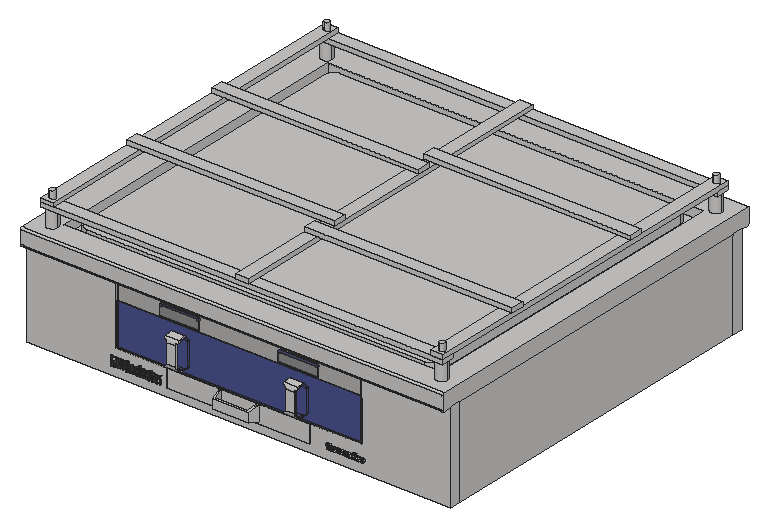
Revit family "QF_ELECTROLUXPROFESSIONAL_589873_MCLDACJODM", category Specialty Equipment, Revit 2014 (continued)
Definition of nested family "QF_ELECTROLUXPROFESSIONAL_MARINE1000x900_1"
  Dimensions and locks
    equal spacing: plane 5 "FRONT", plane 8, plane 1 "BACK"
    plane 6 "TOP" to level = 900 mm  (x2)
    plane 9 to level = 200 mm
    plane 1 "BACK" to plane 10 to plane 11 "Panel" = 150 mm, 705 mm  (x2)
    plane 6 "TOP" to plane 9 to level = 700 mm, 200 mm
    plane 1 "BACK" to plane 5 "FRONT" = 900 mm
    plane 12 to plane 9 = 598 mm
    plane 13 to plane 6 "TOP" = 75 mm
    plane 6 "TOP" to plane 12 = 102 mm
    plane 14 to plane 3 "LEFT" = 78 mm
    plane 15 to plane 4 "RIGHT" = 78 mm
    locked: plane 1 "BACK" to plane 16 at 150
    locked: plane 16 to plane 17 at 500
    plane 11 "Panel" to plane 5 "FRONT" = 45 mm
    plane 18 "EIx" to plane 4 "RIGHT" = 45 mm
    plane 19 "EIy" to plane 1 "BACK" = 685 mm
    locked: plane 11 "Panel" to plane 20 at 25
    aligned and locked: level to plane 2
  Automatic sketch dimensions
    plane 1 "BACK" to curve 1 = 0 mm
    curve 1 to plane 4 "RIGHT" = 0 mm
    curve 3 to plane 3 "LEFT" = 0 mm
    plane 5 "FRONT" to curve 3 = 0 mm
    Extrusion 1 sketch curve to plane 11 "Panel" = 0 mm  (x2)
    Extrusion 1 sketch curve to plane 20 = 10 mm
    plane 11 "Panel" to Extrusion 1 sketch curve = 15 mm
    Extrusion 1 sketch curve to plane 18 "EIx" = 20 mm  (x2)
    plane 1 "BACK" to Extrusion 1 sketch curve = 60 mm
    Extrusion 1 sketch curve to Extrusion 1 sketch curve = 15 mm  (x5)
    Extrusion 1 sketch curve to plane 18 "EIx" = 5 mm  (x2)
    plane 14 to Extrusion 1 sketch curve = 38 mm  (x2)
    Extrusion 2 sketch curve to plane 11 "Panel" = 0 mm  (x2)
    Extrusion 2 sketch curve to plane 20 = 10 mm  (x3)
    Extrusion 2 sketch curve to plane 18 "EIx" = 5 mm  (x2)
    plane 1 "BACK" to Extrusion 2 sketch curve = 45 mm  (x2)
    plane 1 "BACK" to Extrusion 2 sketch curve = 30 mm
    Extrusion 2 sketch curve to Extrusion 2 sketch curve = 15 mm  (x5)
    Extrusion 2 sketch curve to plane 18 "EIx" = 20 mm
    plane 18 "EIx" to Extrusion 2 sketch curve = 10 mm
    plane 7 "Center (Left/Right)" to Extrusion 2 sketch curve = 15 mm
    Extrusion 2 sketch curve to plane 7 "Center (Left/Right)" = 15 mm
    plane 14 to Extrusion 2 sketch curve = 23 mm
    plane 17 to Extrusion 3 sketch curve = 16 mm
    Extrusion 3 sketch curve to plane 17 = 14 mm
    Extrusion 3 sketch curve to plane 17 = 34 mm
    Extrusion 3 sketch curve to Extrusion 3 sketch curve = 30 mm  (x3)
    plane 3 "LEFT" to Extrusion 3 sketch curve = 25 mm  (x2)
    plane 8 to Extrusion 3 sketch curve = 84 mm
    Extrusion 3 sketch curve to plane 7 "Center (Left/Right)" = 15 mm  (x2)
    Extrusion 3 sketch curve to Extrusion 3 sketch curve = 20 mm
    plane 7 "Center (Left/Right)" to Extrusion 3 sketch curve = 15 mm  (x2)
    Extrusion 3 sketch curve to plane 18 "EIx" = 20 mm  (x2)
    Extrusion 4 sketch curve to plane 11 "Panel" = 0 mm  (x2)
    Extrusion 4 sketch curve to plane 18 "EIx" = 5 mm  (x2)
    plane 14 to Extrusion 4 sketch curve = 38 mm  (x2)
    plane 1 "BACK" to Extrusion 4 sketch curve = 45 mm  (x2)
    Extrusion 5 sketch curve to plane 11 "Panel" = 0 mm  (x2)
    Extrusion 5 sketch curve to plane 18 "EIx" = 5 mm  (x2)
    plane 1 "BACK" to Extrusion 5 sketch curve = 45 mm  (x2)
    plane 14 to Extrusion 5 sketch curve = 38 mm  (x2)
    curve 11 to plane 18 "EIx" = 20 mm
    plane 18 "EIx" to curve 9 = 10 mm
    plane 18 "EIx" to curve 35 = 10 mm
    curve 28 to plane 20 = 10 mm
    plane 14 to curve 28 = 23 mm
    plane 14 to curve 27 = 23 mm
    plane 3 "LEFT" to curve 7 = 25 mm
    plane 1 "BACK" to curve 27 = 30 mm
    plane 18 "EIx" to curve 36 = 10 mm
    plane 7 "Center (Left/Right)" to curve 23 = 15 mm
    plane 7 "Center (Left/Right)" to curve 26 = 15 mm
    curve 18 to plane 7 "Center (Left/Right)" = 15 mm
    curve 19 to plane 7 "Center (Left/Right)" = 15 mm
    curve 24 to plane 7 "Center (Left/Right)" = 15 mm
    plane 14 to curve 33 = 23 mm
    plane 8 to curve 8 = 114 mm
    curve 13 to curve 14 = 30 mm
    curve 33 to plane 17 = 64 mm
    curve 19 to plane 17 = 14 mm
    plane 11 "Panel" to curve 30 = 15 mm
    plane 11 "Panel" to curve 29 = 15 mm
    curve 12 to plane 10 = 136 mm
    curve 31 to curve 32 = 0 mm
    curve 22 to curve 19 = 20 mm
    plane 7 "Center (Left/Right)" to curve 21 = 15 mm
    plane 17 to curve 21 = 16 mm
    curve 23 to curve 13 = 20 mm
    curve 9 to curve 32 = 30 mm
    radius of Extrusion 1 sketch curve = 6.5 mm  (x4)
    radius of Extrusion 2 sketch curve = 6.5 mm  (x4)
    radius of Extrusion 4 sketch curve = 13 mm  (x4)
    radius of Extrusion 5 sketch curve = 6.5 mm  (x4)
Definition of nested family "Front_Panel_W1000_2 Knobs"
  Reference planes
    plane 1 "Center (Front/Back)": y = 0
    plane 2: z = 0
    plane 3 "Center (Left/Right)": x = 297.624
    plane 4 "Left": x = -202.376
    plane 5 "Right": x = 797.624
    plane 6: y = -45
    plane 7: x = 157.624
    plane 8: y = -25
    plane 9: x = -2.376
    plane 10: x = 437.624
    plane 11: x = 594.715
  Forms (mm)
    Extrusion 1, solid, material "QF_Finishes_Stainless Steel"
      sketch origin (833.217, 829.203, -1.25) x (0, 1, 0) y (0, 0, 1)
        loop
          line (-854.203, 651.25) -> (-829.203, 651.25) -> (-829.203, 864.25) -> (-854.203, 864.25) -> (-854.203, 651.25)
      from -1035.593 to -35.593
    Extrusion 2, void
      sketch origin (0, 0, 0) x (1, 0, 0) y (0, 0, 1)
        loop
          line (7.624, 853.866) -> (7.624, 711.866) -> (587.624, 711.866) -> (587.624, 853.866) -> (7.624, 853.866)
      from 19.387 to 33.951
  Cuts and joins
    Extrusion 2 cuts Extrusion 1
  Dimensions and locks
    equal spacing: plane 5 "Right", plane 3 "Center (Left/Right)", plane 4 "Left"
    plane 5 "Right" to plane 4 "Left" = 1000 mm
    plane 3 "Center (Left/Right)" to plane 7 = 140 mm
    plane 10 to plane 3 "Center (Left/Right)" = 140 mm
    aligned and locked: cut or joined group of Extrusion 1, Extrusion 2 to plane 4 "Left"
    aligned and locked: plane 5 "Right" to cut or joined group of Extrusion 1, Extrusion 2
    aligned and locked: plane 3 "Center (Left/Right)" to nested 2
    aligned and locked: cut or joined group of Extrusion 1, Extrusion 2 to nested 2
  Automatic sketch dimensions
    Extrusion 1 sketch curve to plane 1 "Center (Front/Back)" = 0 mm
    level to Extrusion 1 sketch curve = 650 mm
    plane 4 "Left" to Extrusion 2 sketch curve = 210 mm
    Extrusion 2 sketch curve to plane 5 "Right" = 210 mm
    level to Extrusion 2 sketch curve = 711.866 mm
    Extrusion 2 sketch curve to Extrusion 2 sketch curve = 142 mm
    Extrusion 1 sketch curve to plane 6 = 20 mm
    Extrusion 1 sketch curve to Extrusion 1 sketch curve = 213 mm
  Nested families
    nested 1: "Range Control Handle" at (157.624, -28.137, -209.113) x (-1, 0, 0) z (0, 0, 1), type "Range Control Handle"
    nested 2: "Front glass control panel W1000_2 Knobs" at (297.624, 280.644, 2.752), type "Front glass control panel W1000_2 Knobs"
    nested 3: "Range Control Handle" at (437.624, -28.137, -209.113), type "Range Control Handle"
    nested 4: "ELX_ThermaLine_Small" at (546.122, -25, 679.426) x (1, 0, 0) z (0, -1, 0), type "ELX_ThermaLine_Small"
      with Show Logo yes, Material_Logo QF_Finishes_Black
    nested 5: "ELX_Professional_Logo_Small" at (57.11, -25, 681.659) x (1, 0, 0) z (0, -1, 0), type "ELX_Professional_Logo_Small"
      with Show Logo yes, Material_Logo QF_Finishes_Black
  Definition of nested family "Range Control Handle"
    Reference planes
      plane 1 "Center (Front/Back)": y = 0
      plane 2: z = 0
      plane 3 "Center (Left/Right)": x = 0
      plane 4: z = 971.092
      plane 5: y = -16.9
    Forms (mm)
      Extrusion 1, solid, material "QF_Finishes_Electrolux Cyan"
        sketch origin (-746.28, 380.497, 208.931) x (-1, 0, 0) y (0, 0, 1)
          loop
            line (-770.101, 786.798) -> (-770.101, 731.649)
            arc (-770.101, 731.649) -> (-769.759, 730.563) -> (-768.855, 729.87) r 1.893
            line (-768.855, 729.87) -> (-763.474, 727.911) -> (-729.81, 727.911) -> (-724.428, 729.87)
            arc (-724.428, 729.87) -> (-723.525, 730.563) -> (-723.183, 731.649) r 1.893
            line (-723.183, 731.649) -> (-723.183, 786.798)
            arc (-723.183, 786.798) -> (-723.529, 787.894) -> (-724.44, 788.593) r 1.91
            line (-724.44, 788.593) -> (-729.683, 790.819) -> (-763.601, 790.819) -> (-768.844, 788.593)
            arc (-768.844, 788.593) -> (-769.755, 787.894) -> (-770.101, 786.798) r 1.91
        from -382.35 to -378.852
      Sweep 2, solid, material "QF_Finishes_Electrolux Cyan"
        path origin (-746.788, 380.496, 208.091) x (0, -1, 0) y (0, 0, 1)
          loop
            line (379.775, 793.281) -> (395.661, 791.048)
            arc (395.661, 791.048) -> (397.781, 787.377) -> (398.517, 783.202) r 12.207
            line (398.517, 783.202) -> (398.517, 737.368)
            arc (398.517, 737.368) -> (397.781, 733.193) -> (395.661, 729.522) r 12.207
            line (395.661, 729.522) -> (379.775, 727.289)
        profile origin (-746.788, -7.222, 1000.256) x (0, -0.139173, 0.990268) y (-1, 0, 0)
          loop
            line (0.782, -763.123) -> (0.782, -730.907) -> (-1.322, -730.907) -> (-1.322, -763.123) -> (0.782, -763.123)
      Sweep 3, solid, material "QF_Finishes_Stainless Steel"
        path origin (-746.788, 380.715, 207.832) x (0, -1, 0) y (0, 0, 1)
          loop
            line (380.478, 795.442) -> (397.218, 793.09)
            arc (397.218, 793.09) -> (399.929, 788.473) -> (400.871, 783.202) r 15.207
            line (400.871, 783.202) -> (400.871, 737.584)
            arc (400.871, 737.584) -> (399.914, 732.274) -> (397.164, 727.633) r 15.207
            line (397.164, 727.633) -> (380.601, 725.305)
        profile origin (-746.788, -8.132, 1002.099) x (0, -0.139173, 0.990268) y (-1, 0, 0)
          loop
            line (0.782, -763.123) -> (0.782, -730.907) -> (-1.322, -730.907) -> (-1.322, -763.123) -> (0.782, -763.123)
      Extrusion 4, void
        sketch origin (889.253, 220.666, 207.993) x (1, 0, 0) y (0, 0, 1)
          loop
            line (-943.038, 816.854) -> (-943.038, 703.686) -> (-899.466, 734.196) -> (-899.466, 786.344) -> (-943.038, 816.854)
        from 230.636 to 242.25
      Extrusion 5, void
        sketch origin (-888.8, 220.666, 207.993) x (-1, 0, 0) y (0, 0, -1)
          loop
            line (-943.038, -816.854) -> (-899.466, -786.344) -> (-899.466, -734.196) -> (-943.038, -703.686) -> (-943.038, -816.854)
        from 230.636 to 242.25
      Extrusion 6, solid, material "QF_Finishes_Electrolux Cyan"
        sketch origin (0, 0, 0) x (1, 0, 0) y (0, 0, 1)
          loop
            circle (0, 971.092) r 7.736
        from -3.137 to -1.645
    Cuts and joins
      Extrusion 4, Extrusion 5 cuts Sweep 3
      Extrusion 4, Extrusion 5 cuts Sweep 2
      joined: Extrusion 1, Extrusion 6
    Lines and regions (mm)
      symbolic lines
        curve 1: line (16.334, -16.9, 0) -> (16.334, -19.227, 0)
        curve 2: spline (16.334, -19.227, 0) -> (15.87, -19.385, 0) -> (15.404, -19.536, 0) -> (14.936, -19.678, 0) -> (14.466, -19.813, 0) -> (13.995, -19.94, 0) -> (13.523, -20.059, 0) -> (13.049, -20.171, 0) -> (12.575, -20.274, 0) -> (12.099, -20.37, 0) -> (11.622, -20.458, 0) -> (11.144, -20.537, 0) -> (10.666, -20.609, 0)
        curve 3: line (10.666, -16.9, 0) -> (10.666, -20.938, 0)
        curve 4: line (-10.213, -20.938, 0) -> (10.666, -20.938, 0)
        curve 5: line (-10.213, -20.938, 0) -> (-10.213, -16.9, 0)
        curve 6: spline (-10.213, -20.609, 0) -> (-10.691, -20.537, 0) -> (-11.169, -20.458, 0) -> (-11.646, -20.37, 0) -> (-12.122, -20.274, 0) -> (-12.597, -20.171, 0) -> (-13.07, -20.059, 0) -> (-13.542, -19.94, 0) -> (-14.013, -19.813, 0) -> (-14.483, -19.678, 0) -> (-14.951, -19.536, 0) -> (-15.417, -19.385, 0) -> (-15.881, -19.227, 0)
        curve 7: line (-15.881, -19.227, 0) -> (-15.881, -16.9, 0)
  Definition of nested family "Front glass control panel W1000_2 Knobs"
    Reference planes
      plane 1 "Center (Front/Back)": y = 0
      plane 2: z = 0
      plane 3 "Center (Left/Right)": x = 0
      plane 4: x = -140
      plane 5: x = 140
    Forms (mm)
      Extrusion 1, solid, material "QF_Finishes_Electrolux Cyan"
        sketch origin (378.286, 0, 0.617) x (1, 0, 0) y (0, 0, 1)
          loop
            line (-668.286, 806.791) -> (-668.286, 708.497) -> (-88.286, 708.497) -> (-88.286, 806.791) -> (-668.286, 806.791)
        from 300.031 to 304.8
      Extrusion 2, solid, material "QF_Finishes_Electrolux_Black"
        sketch origin (378.286, 0, 0.617) x (1, 0, 0) y (0, 0, 1)
          loop
            line (-668.286, 850.497) -> (-668.286, 806.791) -> (-88.286, 806.791) -> (-88.286, 850.497) -> (-668.286, 850.497)
        from 300.031 to 304.8
      Extrusion 3, void
        sketch origin (378.286, 0, 0.617) x (1, 0, 0) y (0, 0, 1)
          loop
            line (-665.628, 847.565) -> (-665.628, 710.699) -> (-91.196, 710.699) -> (-91.196, 847.565) -> (-665.628, 847.565)
        from 303.697 to 304.8
      Extrusion 4, solid, material "QF_Finishes_Electrolux_Black Smoke Iluminated"
        sketch origin (-448.309, 1.101, -0.633) x (-1, 0, 0) y (0, 0, -1)
          loop
            line (-261.431, -812.62) -> (-355.186, -812.62) -> (-355.186, -834.177) -> (-350.269, -834.177) -> (-348.469, -835.977) -> (-268.039, -835.977) -> (-266.24, -834.177) -> (-261.431, -834.177) -> (-261.431, -812.62)
        from 304.798 to 306.745
      Extrusion 5, solid, material "QF_Finishes_Electrolux_Royal Blue Illuminated"
        sketch origin (-448.309, 1.101, -0.633) x (-1, 0, 0) y (0, 0, -1)
          loop
            line (-350.269, -834.177) -> (-355.078, -834.177)
            arc (-355.078, -834.177) -> (-353.942, -838.747) -> (-349.686, -840.763) r 5.5
            line (-349.686, -840.763) -> (-266.98, -840.763)
            arc (-266.98, -840.763) -> (-262.706, -838.752) -> (-261.529, -834.177) r 5.549
            line (-261.529, -834.177) -> (-266.24, -834.177) -> (-268.039, -835.977) -> (-348.469, -835.977) -> (-350.269, -834.177)
        from 304.798 to 306.745
      Extrusion 6, solid, material "QF_Finishes_Electrolux_Black Smoke Iluminated"
        sketch origin (448.333, 1.101, -0.633) x (1, 0, 0) y (0, 0, 1)
          loop
            line (-261.431, 812.62) -> (-261.431, 834.177) -> (-266.24, 834.177) -> (-268.039, 835.977) -> (-348.469, 835.977) -> (-350.269, 834.177) -> (-355.186, 834.177) -> (-355.186, 812.62) -> (-261.431, 812.62)
        from 304.798 to 306.745
      Extrusion 7, solid, material "QF_Finishes_Electrolux_Royal Blue Illuminated"
        sketch origin (448.333, 1.101, -0.633) x (1, 0, 0) y (0, 0, 1)
          loop
            line (-350.269, 834.177) -> (-348.469, 835.977) -> (-268.039, 835.977) -> (-266.24, 834.177) -> (-261.529, 834.177)
            arc (-261.529, 834.177) -> (-262.706, 838.752) -> (-266.98, 840.763) r 5.549
            line (-266.98, 840.763) -> (-349.686, 840.763)
            arc (-349.686, 840.763) -> (-353.942, 838.747) -> (-355.078, 834.177) r 5.5
            line (-355.078, 834.177) -> (-350.269, 834.177)
        from 304.798 to 306.745
    Cuts and joins
      Extrusion 3 cuts Extrusion 1
      Extrusion 3 cuts Extrusion 2
    Dimensions and locks
      plane 3 "Center (Left/Right)" to plane 4 = 140 mm
      plane 5 to plane 3 "Center (Left/Right)" = 140 mm
      aligned and locked: Extrusion 1 to Extrusion 2
      aligned and locked: Extrusion 5 sketch curve to Extrusion 4  (x5)
      aligned and locked: Extrusion 5 to Extrusion 4
      aligned and locked: Extrusion 7 sketch curve to Extrusion 6  (x4)
      aligned and locked: Extrusion 6 to Extrusion 7 sketch curve
      aligned and locked: Extrusion 7 to Extrusion 6
  Definition of nested family "ELX_ThermaLine_Small"
    Parameters (values of type "ELX_ThermaLine_Small")
      Show Logo [instance] = yes
      Material_Logo [instance] = QF_Finishes_Black
      Default Elevation = 0 mm
    Reference planes
      plane 1 "Centro (Fronte/Retro)": y = 0
      plane 2: z = 0
      plane 3 "Centro (Sinistra/Destra)": x = 0
    Forms (mm)
      Extrusion 1, solid
        sketch origin (0, 0, 0) x (1, 0, 0) y (0, 1, 0)
          loop
            line (-1219.2, 1219.2) -> (-1219.2, -1219.2) -> (1219.2, -1219.2) -> (1219.2, 1219.2) -> (-1219.2, 1219.2)
        from 0 to -304.8
      Extrusion 2, solid, material "QF_Finishes_White"
        sketch origin (0, 0, 0) x (1, 0, 0) y (0, 1, 0)
          loop
            line (-37.494, 1.229) -> (-35.908, 1.229) -> (-35.908, 3.066) -> (-37.494, 3.066) -> (-37.494, 6.221) -> (-39.867, 4.881) -> (-39.867, 3.066) -> (-40.969, 3.066) -> (-40.969, 1.229) -> (-39.867, 1.229) -> (-39.867, -3.407)
            arc (-39.867, -3.407) -> (-38.982, -5.513) -> (-36.751, -6.001) r 2.478
            line (-36.751, -6.001) -> (-35.638, -5.7) -> (-35.9, -3.835) -> (-36.661, -4.039)
            arc (-36.661, -4.039) -> (-37.236, -3.924) -> (-37.494, -3.399) r 0.662
            line (-37.494, -3.399) -> (-37.494, 1.229)
          loop
            line (-34.242, 6.539) -> (-34.242, -5.848) -> (-31.854, -5.848) -> (-31.854, -0.078)
            arc (-31.854, -0.078) -> (-30.939, 1.249) -> (-29.33, 1.367) r 1.866
            arc (-29.33, 1.367) -> (-28.695, 0.768) -> (-28.461, -0.073) r 1.627
            line (-28.461, -0.073) -> (-28.461, -5.848) -> (-26.086, -5.848) -> (-26.064, -0.46)
            arc (-26.064, -0.46) -> (-26.261, 0.932) -> (-26.786, 2.237) r 5.825
            arc (-26.786, 2.237) -> (-29.381, 3.264) -> (-31.854, 1.971) r 3.353
            line (-31.854, 1.971) -> (-31.854, 6.539) -> (-34.242, 6.539)
          loop
            arc (-18.398, -0.598) -> (-18.893, 0.879) -> (-20.326, 1.487) r 1.897
            arc (-20.326, 1.487) -> (-21.461, 0.708) -> (-21.897, -0.598) r 2.164
            line (-21.897, -0.598) -> (-18.398, -0.598)
          loop
            arc (-16.021, -2.044) -> (-16.754, 1.227) -> (-19.444, 3.226) r 4.814
            arc (-19.444, 3.226) -> (-22.137, 2.788) -> (-23.943, 0.743) r 4.054
            arc (-23.943, 0.743) -> (-24.382, -1.249) -> (-24.162, -3.276) r 6.289
            arc (-24.162, -3.276) -> (-23.302, -4.71) -> (-21.958, -5.705) r 4.28
            arc (-21.958, -5.705) -> (-18.558, -5.814) -> (-16.152, -3.409) r 4.28
            line (-16.152, -3.409) -> (-18.5, -2.995)
            arc (-18.5, -2.995) -> (-19.273, -3.994) -> (-20.533, -4.076) r 1.536
            arc (-20.533, -4.076) -> (-21.56, -3.281) -> (-21.958, -2.044) r 2.197
            line (-21.958, -2.044) -> (-16.021, -2.044)
          loop
            line (-14.165, -5.848) -> (-11.819, -5.848) -> (-11.819, -2.138)
            arc (-11.819, -2.138) -> (-11.787, -1.156) -> (-11.637, -0.185) r 8.18
            arc (-11.637, -0.185) -> (-10.644, 0.972) -> (-9.132, 0.776) r 1.603
            line (-9.132, 0.776) -> (-8.419, 2.846)
            arc (-8.419, 2.846) -> (-10.432, 3.118) -> (-11.994, 1.821) r 2.527
            line (-11.994, 1.821) -> (-11.994, 3.094) -> (-14.165, 3.094) -> (-14.165, -5.848)
          loop
            line (-7.579, 3.094) -> (-7.579, -5.848) -> (-5.178, -5.848) -> (-5.178, -0.756)
            arc (-5.178, -0.756) -> (-4.727, 0.679) -> (-3.417, 1.419) r 2.05
            arc (-3.417, 1.419) -> (-2.499, 0.908) -> (-2.155, -0.085) r 1.471
            line (-2.155, -0.085) -> (-2.155, -5.848) -> (0.23, -5.848) -> (0.23, -1.001)
            arc (0.23, -1.001) -> (0.47, 0.127) -> (1.148, 1.061) r 2.775
            arc (1.148, 1.061) -> (2.225, 1.329) -> (3.05, 0.587) r 1.182
            arc (3.05, 0.587) -> (3.199, -0.019) -> (3.214, -0.642) r 2.894
            line (3.214, -0.642) -> (3.214, -5.848) -> (5.601, -5.848) -> (5.601, 0.261)
            arc (5.601, 0.261) -> (4.87, 2.263) -> (2.976, 3.241) r 2.932
            arc (2.976, 3.241) -> (1.284, 2.973) -> (-0.047, 1.896) r 3.309
            arc (-0.047, 1.896) -> (-1.116, 2.865) -> (-2.506, 3.258) r 3.16
            arc (-2.506, 3.258) -> (-4.105, 2.942) -> (-5.376, 1.92) r 3.419
            line (-5.376, 1.92) -> (-5.376, 3.094) -> (-7.579, 3.094)
          loop
            line (7.583, 0.738) -> (9.702, 0.364)
            arc (9.702, 0.364) -> (11.441, 1.492) -> (12.855, -0.023) r 1.613
            line (12.855, -0.023) -> (9.782, -0.789)
            arc (9.782, -0.789) -> (8.559, -1.346) -> (7.617, -2.305) r 3.687
            arc (7.617, -2.305) -> (7.499, -3.681) -> (7.901, -5.003) r 3.651
            arc (7.901, -5.003) -> (9.107, -5.766) -> (10.515, -6.006) r 3.635
            arc (10.515, -6.006) -> (11.898, -5.697) -> (13.067, -4.895) r 3.734
            line (13.067, -4.895) -> (13.376, -5.848) -> (15.75, -5.848) -> (15.212, -4.193) -> (15.212, 0.38)
            arc (15.212, 0.38) -> (14.897, 1.849) -> (13.818, 2.895) r 2.585
            arc (13.818, 2.895) -> (11.792, 3.442) -> (9.719, 3.11) r 5.005
            arc (9.719, 3.11) -> (8.369, 2.178) -> (7.583, 0.738) r 3.54
          loop
            line (19.723, -5.848) -> (22.233, -5.848) -> (24.854, 6.484) -> (22.345, 6.484) -> (19.723, -5.848)
          loop
            line (24.583, -5.848) -> (26.953, -5.848) -> (28.848, 3.066) -> (26.478, 3.066) -> (24.583, -5.848)
          loop
            line (27.204, 6.484) -> (26.741, 4.305) -> (29.111, 4.305) -> (29.575, 6.484) -> (27.204, 6.484)
          loop
            line (29.355, -5.848) -> (31.849, -5.848) -> (33.098, 0.028)
            arc (33.098, 0.028) -> (34.169, 1.306) -> (35.832, 1.422) r 2.132
            arc (35.832, 1.422) -> (36.324, 0.752) -> (36.383, -0.078) r 1.5
            line (36.383, -0.078) -> (35.157, -5.848) -> (37.536, -5.848) -> (38.936, 0.738)
            arc (38.936, 0.738) -> (38.775, 2.091) -> (37.825, 3.066) r 2.118
            arc (37.825, 3.066) -> (35.392, 3.175) -> (33.295, 1.937) r 4.271
            line (33.295, 1.937) -> (33.535, 3.066) -> (31.25, 3.066) -> (29.355, -5.848)
          loop
            line (42.792, -0.64) -> (46.589, -0.64)
            arc (46.589, -0.64) -> (46.639, 0.124) -> (46.327, 0.823) r 1.589
            arc (46.327, 0.823) -> (45.117, 1.521) -> (43.762, 1.183) r 1.865
            arc (43.762, 1.183) -> (43.141, 0.344) -> (42.792, -0.64) r 3.538
          loop
            line (42.565, -2.138) -> (48.593, -2.138)
            arc (48.593, -2.138) -> (48.58, 0.597) -> (46.983, 2.818) r 4.494
            arc (46.983, 2.818) -> (44.191, 3.28) -> (41.725, 1.891) r 4.26
            arc (41.725, 1.891) -> (40.503, -0.3) -> (40.284, -2.799) r 6.003
            arc (40.284, -2.799) -> (40.959, -4.468) -> (42.377, -5.576) r 3.482
            arc (42.377, -5.576) -> (44.265, -5.961) -> (46.152, -5.576) r 4.823
            arc (46.152, -5.576) -> (47.432, -4.731) -> (48.328, -3.485) r 4.245
            line (48.328, -3.485) -> (46.168, -3.105)
            arc (46.168, -3.105) -> (45.214, -4.072) -> (43.859, -4.181) r 1.953
            arc (43.859, -4.181) -> (42.821, -3.408) -> (42.565, -2.138) r 1.81
          loop
            line (12.868, -1.553) -> (10.216, -2.214)
            arc (10.216, -2.214) -> (9.747, -3.136) -> (10.216, -4.058) r 1.14
            arc (10.216, -4.058) -> (11.537, -4.249) -> (12.614, -3.46) r 1.763
            arc (12.614, -3.46) -> (12.858, -2.522) -> (12.868, -1.553) r 3.97
        from 0 to 1.6
    Dimensions and locks
      aligned and locked: plane 2 to Extrusion 1
      aligned and locked: level to Extrusion 1
  Definition of nested family "ELX_Professional_Logo_Small"
    Parameters (values of type "ELX_Professional_Logo_Small")
      Show Logo [instance] = yes
      Material_Logo [instance] = QF_Finishes_Black
      Default Elevation = 0 mm
    Reference planes
      plane 1 "Centro (Fronte/Retro)": y = 0
      plane 2: z = 0
      plane 3 "Centro (Sinistra/Destra)": x = 0
    Forms (mm)
      Extrusion 1, solid
        sketch origin (0, 0, 0) x (1, 0, 0) y (0, 1, 0)
          loop
            line (-1219.2, 1219.2) -> (-1219.2, -1219.2) -> (1219.2, -1219.2) -> (1219.2, 1219.2) -> (-1219.2, 1219.2)
        from 0 to -304.8
      Extrusion 2, solid, material "QF_Finishes_Black" <- "Material_Logo"
        sketch origin (15.5, 0, 0) x (1, 0, 0) y (0, 1, 0)
          loop
            spline (-42.99, -1.24) -> (-43.195, -1.231) -> (-43.415, -1.203) -> (-43.642, -1.152) -> (-43.87, -1.074) -> (-44.095, -0.966) -> (-44.309, -0.825) -> (-44.506, -0.647) -> (-44.681, -0.429) -> (-44.828, -0.167) -> (-44.94, 0.142) -> (-45.011, 0.501) -> (-45.037, 0.915)
            line (-45.037, 0.915) -> (-45.037, 2.748) -> (-38.984, 2.748) -> (-38.984, 5.086) -> (-45.038, 5.086) -> (-45.038, 8.489) -> (-38.599, 8.489) -> (-38.599, 10.82) -> (-47.515, 10.82) -> (-47.515, 1.021)
            spline (-47.515, 1.021) -> (-47.493, 0.418) -> (-47.425, -0.15) -> (-47.311, -0.682) -> (-47.15, -1.175) -> (-46.939, -1.628) -> (-46.678, -2.038) -> (-46.365, -2.404) -> (-46, -2.723) -> (-45.58, -2.995) -> (-45.105, -3.216) -> (-44.573, -3.385) -> (-43.983, -3.499)
            line (-43.983, -3.499) -> (-43.01, -3.569) -> (-38.426, -3.569) -> (-38.426, -1.24) -> (-42.99, -1.24)
          loop
            line (-36.666, 4.021) -> (-36.666, -3.573) -> (-34.188, -3.573) -> (-34.188, 10.824) -> (-36.666, 10.824) -> (-36.666, 4.021)
          loop
            spline (-21.915, 1.897) -> (-21.957, 2.615) -> (-22.082, 3.303) -> (-22.285, 3.955) -> (-22.563, 4.564) -> (-22.913, 5.124) -> (-23.331, 5.629) -> (-23.814, 6.074) -> (-24.359, 6.451) -> (-24.961, 6.755) -> (-25.618, 6.98) -> (-26.326, 7.119) -> (-27.081, 7.167)
            spline (-27.081, 7.167) -> (-27.853, 7.122) -> (-28.586, 6.99) -> (-29.275, 6.774) -> (-29.915, 6.478) -> (-30.5, 6.104) -> (-31.024, 5.657) -> (-31.483, 5.138) -> (-31.871, 4.553) -> (-32.182, 3.904) -> (-32.411, 3.194) -> (-32.552, 2.427) -> (-32.6, 1.606)
            spline (-32.6, 1.606) -> (-32.553, 0.805) -> (-32.416, 0.057) -> (-32.193, -0.637) -> (-31.887, -1.271) -> (-31.504, -1.843) -> (-31.048, -2.35) -> (-30.523, -2.788) -> (-29.934, -3.154) -> (-29.284, -3.444) -> (-28.579, -3.656) -> (-27.822, -3.785) -> (-27.019, -3.829)
            spline (-27.019, -3.829) -> (-26.627, -3.82) -> (-26.239, -3.79) -> (-25.856, -3.739) -> (-25.477, -3.663) -> (-25.103, -3.562) -> (-24.734, -3.432) -> (-24.369, -3.273) -> (-24.01, -3.082) -> (-23.655, -2.858) -> (-23.305, -2.597) -> (-22.96, -2.299) -> (-22.621, -1.962)
            line (-22.621, -1.962) -> (-24.114, -0.509)
            spline (-24.114, -0.509) -> (-24.311, -0.699) -> (-24.509, -0.872) -> (-24.71, -1.03) -> (-24.915, -1.172) -> (-25.126, -1.297) -> (-25.346, -1.407) -> (-25.576, -1.5) -> (-25.817, -1.576) -> (-26.072, -1.636) -> (-26.342, -1.678) -> (-26.629, -1.704) -> (-26.936, -1.713)
            spline (-26.936, -1.713) -> (-27.384, -1.691) -> (-27.805, -1.625) -> (-28.196, -1.518) -> (-28.556, -1.372) -> (-28.882, -1.187) -> (-29.174, -0.966) -> (-29.429, -0.71) -> (-29.645, -0.422) -> (-29.821, -0.102) -> (-29.955, 0.247) -> (-30.045, 0.623) -> (-30.089, 1.026)
            line (-30.089, 1.026) -> (-21.956, 1.026) -> (-21.915, 1.897)
          loop
            spline (-24.446, 2.769) -> (-24.47, 3.075) -> (-24.54, 3.37) -> (-24.654, 3.65) -> (-24.807, 3.913) -> (-24.996, 4.156) -> (-25.219, 4.376) -> (-25.472, 4.57) -> (-25.753, 4.736) -> (-26.057, 4.869) -> (-26.382, 4.968) -> (-26.724, 5.03) -> (-27.081, 5.051)
            spline (-27.081, 5.051) -> (-27.464, 5.03) -> (-27.832, 4.97) -> (-28.183, 4.872) -> (-28.513, 4.74) -> (-28.819, 4.577) -> (-29.099, 4.384) -> (-29.347, 4.165) -> (-29.563, 3.923) -> (-29.742, 3.659) -> (-29.881, 3.377) -> (-29.977, 3.079) -> (-30.027, 2.769)
            line (-30.027, 2.769) -> (-24.446, 2.769)
          loop
            spline (-18.167, 1.669) -> (-18.138, 2.13) -> (-18.055, 2.567) -> (-17.921, 2.978) -> (-17.739, 3.358) -> (-17.512, 3.705) -> (-17.243, 4.016) -> (-16.937, 4.287) -> (-16.596, 4.517) -> (-16.223, 4.7) -> (-15.823, 4.835) -> (-15.398, 4.919) -> (-14.951, 4.947)
            spline (-14.951, 4.947) -> (-14.677, 4.938) -> (-14.414, 4.913) -> (-14.162, 4.871) -> (-13.921, 4.812) -> (-13.69, 4.738) -> (-13.467, 4.649) -> (-13.254, 4.544) -> (-13.048, 4.424) -> (-12.85, 4.291) -> (-12.659, 4.143) -> (-12.474, 3.981) -> (-12.295, 3.806)
            line (-12.295, 3.806) -> (-10.76, 5.403)
            spline (-10.76, 5.403) -> (-11.065, 5.709) -> (-11.38, 5.984) -> (-11.703, 6.228) -> (-12.035, 6.443) -> (-12.375, 6.63) -> (-12.723, 6.788) -> (-13.078, 6.92) -> (-13.44, 7.026) -> (-13.809, 7.107) -> (-14.184, 7.164) -> (-14.564, 7.198) -> (-14.951, 7.209)
            spline (-14.951, 7.209) -> (-15.725, 7.161) -> (-16.467, 7.02) -> (-17.169, 6.792) -> (-17.826, 6.482) -> (-18.43, 6.096) -> (-18.976, 5.637) -> (-19.455, 5.112) -> (-19.862, 4.525) -> (-20.19, 3.882) -> (-20.433, 3.189) -> (-20.584, 2.449) -> (-20.635, 1.669)
            spline (-20.635, 1.669) -> (-20.584, 0.889) -> (-20.433, 0.149) -> (-20.19, -0.545) -> (-19.862, -1.187) -> (-19.455, -1.774) -> (-18.976, -2.299) -> (-18.43, -2.758) -> (-17.826, -3.145) -> (-17.169, -3.454) -> (-16.467, -3.682) -> (-15.725, -3.823) -> (-14.951, -3.871)
            spline (-14.951, -3.871) -> (-14.564, -3.86) -> (-14.184, -3.826) -> (-13.809, -3.77) -> (-13.44, -3.689) -> (-13.078, -3.583) -> (-12.723, -3.451) -> (-12.375, -3.292) -> (-12.035, -3.105) -> (-11.703, -2.89) -> (-11.38, -2.646) -> (-11.065, -2.371) -> (-10.76, -2.066)
            line (-10.76, -2.066) -> (-12.295, -0.468)
            spline (-12.295, -0.468) -> (-12.474, -0.643) -> (-12.659, -0.805) -> (-12.85, -0.953) -> (-13.048, -1.087) -> (-13.254, -1.206) -> (-13.467, -1.311) -> (-13.69, -1.4) -> (-13.921, -1.475) -> (-14.162, -1.533) -> (-14.414, -1.575) -> (-14.677, -1.6) -> (-14.951, -1.609)
            spline (-14.951, -1.609) -> (-15.398, -1.581) -> (-15.823, -1.497) -> (-16.223, -1.362) -> (-16.596, -1.179) -> (-16.937, -0.95) -> (-17.243, -0.678) -> (-17.512, -0.367) -> (-17.739, -0.02) -> (-17.921, 0.36) -> (-18.055, 0.771) -> (-18.138, 1.208) -> (-18.167, 1.669)
          loop
            spline (-4.441, -1.243) -> (-4.659, -1.247) -> (-4.894, -1.23) -> (-5.137, -1.19) -> (-5.384, -1.121) -> (-5.628, -1.021) -> (-5.864, -0.884) -> (-6.084, -0.708) -> (-6.283, -0.488) -> (-6.454, -0.219) -> (-6.592, 0.101) -> (-6.69, 0.478) -> (-6.742, 0.914)
            line (-6.742, 0.914) -> (-6.742, 4.587) -> (-4.487, 4.587) -> (-4.487, 6.838) -> (-6.738, 6.838) -> (-6.738, 10.824) -> (-9.217, 10.824) -> (-9.217, 0.773)
            spline (-9.217, 0.773) -> (-9.164, 0.19) -> (-9.068, -0.358) -> (-8.928, -0.87) -> (-8.742, -1.343) -> (-8.511, -1.777) -> (-8.232, -2.168) -> (-7.904, -2.515) -> (-7.527, -2.816) -> (-7.098, -3.069) -> (-6.618, -3.273) -> (-6.084, -3.426) -> (-5.496, -3.525)
            line (-5.496, -3.525) -> (-4.45, -3.573) -> (-4.441, -1.243)
          loop
            spline (3.898, 6.983) -> (3.469, 7.009) -> (3.056, 7.001) -> (2.661, 6.961) -> (2.283, 6.888) -> (1.925, 6.785) -> (1.588, 6.652) -> (1.272, 6.49) -> (0.979, 6.301) -> (0.71, 6.085) -> (0.465, 5.844) -> (0.247, 5.578) -> (0.056, 5.289)
            line (0.056, 5.289) -> (0.056, 6.838) -> (-2.402, 6.838) -> (-2.402, -3.572) -> (0.056, -3.572) -> (0.056, 1.901)
            spline (0.056, 1.901) -> (0.079, 2.316) -> (0.145, 2.703) -> (0.254, 3.06) -> (0.404, 3.386) -> (0.592, 3.679) -> (0.818, 3.938) -> (1.08, 4.162) -> (1.375, 4.348) -> (1.703, 4.495) -> (2.062, 4.602) -> (2.45, 4.668) -> (2.865, 4.69)
            line (2.865, 4.69) -> (3.898, 4.586) -> (3.898, 6.983)
          loop
            spline (15.638, 1.633) -> (15.586, 2.396) -> (15.435, 3.124) -> (15.192, 3.81) -> (14.863, 4.449) -> (14.455, 5.034) -> (13.975, 5.56) -> (13.43, 6.021) -> (12.826, 6.411) -> (12.17, 6.724) -> (11.469, 6.955) -> (10.729, 7.098) -> (9.958, 7.147)
            spline (9.958, 7.147) -> (9.182, 7.098) -> (8.44, 6.955) -> (7.737, 6.724) -> (7.081, 6.411) -> (6.477, 6.021) -> (5.933, 5.56) -> (5.454, 5.034) -> (5.048, 4.449) -> (4.721, 3.81) -> (4.479, 3.124) -> (4.329, 2.396) -> (4.277, 1.633)
            spline (4.277, 1.633) -> (4.329, 0.869) -> (4.479, 0.141) -> (4.721, -0.544) -> (5.048, -1.183) -> (5.454, -1.768) -> (5.933, -2.294) -> (6.477, -2.755) -> (7.081, -3.145) -> (7.737, -3.459) -> (8.44, -3.69) -> (9.182, -3.833) -> (9.958, -3.882)
            spline (9.958, -3.882) -> (10.729, -3.833) -> (11.469, -3.69) -> (12.17, -3.459) -> (12.826, -3.145) -> (13.43, -2.755) -> (13.975, -2.294) -> (14.455, -1.768) -> (14.863, -1.183) -> (15.192, -0.544) -> (15.435, 0.141) -> (15.586, 0.869) -> (15.638, 1.633)
          loop
            spline (13.18, 1.633) -> (13.151, 2.083) -> (13.067, 2.513) -> (12.932, 2.918) -> (12.748, 3.296) -> (12.52, 3.642) -> (12.251, 3.954) -> (11.943, 4.227) -> (11.601, 4.459) -> (11.228, 4.645) -> (10.828, 4.782) -> (10.403, 4.867) -> (9.958, 4.896)
            spline (9.958, 4.896) -> (9.509, 4.867) -> (9.081, 4.782) -> (8.679, 4.645) -> (8.306, 4.459) -> (7.964, 4.227) -> (7.658, 3.954) -> (7.39, 3.642) -> (7.163, 3.296) -> (6.981, 2.918) -> (6.847, 2.513) -> (6.765, 2.083) -> (6.736, 1.633)
            spline (6.736, 1.633) -> (6.765, 1.182) -> (6.847, 0.753) -> (6.981, 0.347) -> (7.163, -0.031) -> (7.39, -0.377) -> (7.658, -0.689) -> (7.964, -0.962) -> (8.306, -1.193) -> (8.679, -1.38) -> (9.081, -1.517) -> (9.509, -1.602) -> (9.958, -1.631)
            spline (9.958, -1.631) -> (10.403, -1.602) -> (10.828, -1.517) -> (11.228, -1.38) -> (11.601, -1.193) -> (11.943, -0.962) -> (12.251, -0.689) -> (12.52, -0.377) -> (12.748, -0.031) -> (12.932, 0.347) -> (13.067, 0.753) -> (13.151, 1.182) -> (13.18, 1.633)
          loop
            line (17.162, 4.269) -> (17.162, -3.573) -> (19.642, -3.573) -> (19.642, 10.824) -> (17.162, 10.824) -> (17.162, 4.269)
          loop
            line (28.581, 6.838) -> (28.581, 0.786)
            spline (28.581, 0.786) -> (28.561, 0.393) -> (28.503, 0.038) -> (28.409, -0.279) -> (28.281, -0.559) -> (28.122, -0.802) -> (27.933, -1.011) -> (27.717, -1.185) -> (27.476, -1.325) -> (27.213, -1.433) -> (26.929, -1.509) -> (26.626, -1.554) -> (26.308, -1.569)
            spline (26.308, -1.569) -> (25.99, -1.554) -> (25.688, -1.509) -> (25.404, -1.434) -> (25.141, -1.326) -> (24.9, -1.187) -> (24.684, -1.014) -> (24.496, -0.807) -> (24.336, -0.565) -> (24.209, -0.288) -> (24.115, 0.026) -> (24.057, 0.376) -> (24.037, 0.765)
            line (24.037, 0.765) -> (24.037, 6.838) -> (21.537, 6.838) -> (21.537, 0.558)
            spline (21.537, 0.558) -> (21.581, -0.153) -> (21.71, -0.8) -> (21.916, -1.384) -> (22.195, -1.904) -> (22.54, -2.362) -> (22.944, -2.757) -> (23.403, -3.09) -> (23.909, -3.362) -> (24.456, -3.572) -> (25.04, -3.722) -> (25.652, -3.811) -> (26.288, -3.841)
            spline (26.288, -3.841) -> (26.929, -3.811) -> (27.547, -3.72) -> (28.135, -3.568) -> (28.687, -3.355) -> (29.197, -3.079) -> (29.66, -2.741) -> (30.068, -2.341) -> (30.415, -1.877) -> (30.696, -1.349) -> (30.905, -0.757) -> (31.034, -0.101) -> (31.079, 0.621)
            line (31.079, 0.621) -> (31.079, 6.838) -> (28.581, 6.838)
          loop
            line (40.457, -0.243) -> (38.894, 1.942) -> (40.83, 4.579) -> (42.488, 6.837) -> (39.782, 6.837) -> (37.53, 3.719) -> (35.258, 6.837) -> (32.573, 6.837) -> (34.113, 4.731) -> (36.167, 1.922) -> (34.014, -1.076) -> (32.222, -3.573) -> (34.887, -3.573) -> (37.53, 0.104) -> (40.174, -3.573) -> (42.839, -3.573) -> (40.457, -0.243)
          loop
            line (-46.121, -5.837) -> (-48.039, -5.837) -> (-48.039, -10.814) -> (-47.016, -10.814) -> (-47.016, -9.128) -> (-46.121, -9.128)
            arc (-46.121, -9.128) -> (-44.476, -7.482) -> (-46.121, -5.837) r 1.645
          loop
            line (-46.163, -6.778) -> (-47.016, -6.778) -> (-47.016, -8.187) -> (-46.163, -8.187)
            arc (-46.163, -8.187) -> (-45.458, -7.482) -> (-46.163, -6.778) r 0.704
          loop
            line (-38.313, -5.837) -> (-40.265, -5.837) -> (-40.265, -10.814) -> (-39.241, -10.814) -> (-39.241, -9.1) -> (-38.46, -9.182) -> (-37.48, -10.814) -> (-36.318, -10.814) -> (-37.513, -8.848)
            arc (-37.513, -8.848) -> (-36.888, -8.266) -> (-36.671, -7.441) r 1.536
            arc (-36.671, -7.441) -> (-37.165, -6.305) -> (-38.313, -5.837) r 1.643
          loop
            arc (-38.402, -8.166) -> (-37.707, -7.505) -> (-38.334, -6.778) r 0.696
            line (-38.334, -6.778) -> (-39.241, -6.778) -> (-39.241, -8.166) -> (-38.402, -8.166)
          loop
            circle (-29.965, -8.325) r 2.585
          loop
            circle (-29.965, -8.325) r 1.64
          loop
            line (-23.1, -5.837) -> (-23.1, -10.814) -> (-22.076, -10.814) -> (-22.076, -8.768) -> (-20.204, -8.768) -> (-20.204, -7.828) -> (-22.076, -7.828) -> (-22.076, -6.778) -> (-20.024, -6.778) -> (-20.024, -5.837) -> (-23.1, -5.837)
          loop
            line (-15.802, -5.837) -> (-15.802, -9.2)
            arc (-15.802, -9.2) -> (-15.343, -10.34) -> (-14.209, -10.814) r 1.593
            line (-14.209, -10.814) -> (-12.602, -10.814) -> (-12.602, -10.027) -> (-14.004, -10.027)
            arc (-14.004, -10.027) -> (-14.552, -9.8) -> (-14.779, -9.252) r 0.775
            line (-14.779, -9.252) -> (-14.779, -8.424) -> (-12.789, -8.424) -> (-12.789, -7.642) -> (-14.779, -7.642) -> (-14.779, -6.778) -> (-12.651, -6.778) -> (-12.651, -5.837) -> (-15.802, -5.837)
          loop
            line (-5.909, -7.143) -> (-5.173, -6.638)
            arc (-5.173, -6.638) -> (-5.855, -5.974) -> (-6.781, -5.755) r 1.782
            arc (-6.781, -5.755) -> (-7.397, -5.878) -> (-7.944, -6.189) r 1.974
            arc (-7.944, -6.189) -> (-8.202, -6.5) -> (-8.317, -6.888) r 1.013
            arc (-8.317, -6.888) -> (-8.306, -7.341) -> (-8.192, -7.78) r 1.985
            arc (-8.192, -7.78) -> (-7.749, -8.259) -> (-7.171, -8.563) r 1.928
            arc (-7.171, -8.563) -> (-6.637, -8.779) -> (-6.131, -9.056) r 5.041
            arc (-6.131, -9.056) -> (-5.934, -9.387) -> (-6.09, -9.74) r 0.42
            arc (-6.09, -9.74) -> (-6.631, -9.96) -> (-7.204, -9.845) r 1.016
            arc (-7.204, -9.845) -> (-7.625, -9.603) -> (-7.889, -9.196) r 1.033
            line (-7.889, -9.196) -> (-8.67, -9.686)
            arc (-8.67, -9.686) -> (-8.361, -10.198) -> (-7.908, -10.589) r 1.914
            arc (-7.908, -10.589) -> (-7.334, -10.834) -> (-6.714, -10.896) r 2.063
            arc (-6.714, -10.896) -> (-5.947, -10.743) -> (-5.256, -10.376) r 2.696
            arc (-5.256, -10.376) -> (-4.95, -9.565) -> (-5.108, -8.712) r 1.618
            arc (-5.108, -8.712) -> (-5.448, -8.319) -> (-5.884, -8.035) r 1.876
            arc (-5.884, -8.035) -> (-6.434, -7.789) -> (-6.999, -7.577) r 9.883
            arc (-6.999, -7.577) -> (-7.325, -7.07) -> (-6.854, -6.694) r 0.45
            arc (-6.854, -6.694) -> (-6.329, -6.809) -> (-5.909, -7.143) r 1.197
          loop
            line (1.61, -7.143) -> (2.345, -6.638)
            arc (2.345, -6.638) -> (1.663, -5.974) -> (0.737, -5.755) r 1.782
            arc (0.737, -5.755) -> (0.121, -5.878) -> (-0.425, -6.189) r 1.974
            arc (-0.425, -6.189) -> (-0.683, -6.5) -> (-0.799, -6.888) r 1.013
            arc (-0.799, -6.888) -> (-0.788, -7.341) -> (-0.674, -7.78) r 1.985
            arc (-0.674, -7.78) -> (-0.231, -8.259) -> (0.347, -8.563) r 1.928
            arc (0.347, -8.563) -> (0.881, -8.779) -> (1.387, -9.056) r 5.041
            arc (1.387, -9.056) -> (1.584, -9.387) -> (1.428, -9.74) r 0.42
            arc (1.428, -9.74) -> (0.887, -9.96) -> (0.314, -9.845) r 1.016
            arc (0.314, -9.845) -> (-0.107, -9.603) -> (-0.371, -9.196) r 1.033
            line (-0.371, -9.196) -> (-1.152, -9.686)
            arc (-1.152, -9.686) -> (-0.842, -10.198) -> (-0.39, -10.589) r 1.914
            arc (-0.39, -10.589) -> (0.184, -10.834) -> (0.804, -10.896) r 2.063
            arc (0.804, -10.896) -> (1.572, -10.743) -> (2.263, -10.376) r 2.696
            arc (2.263, -10.376) -> (2.568, -9.565) -> (2.411, -8.712) r 1.618
            arc (2.411, -8.712) -> (2.07, -8.319) -> (1.635, -8.035) r 1.876
            arc (1.635, -8.035) -> (1.084, -7.789) -> (0.519, -7.577) r 9.883
            arc (0.519, -7.577) -> (0.193, -7.07) -> (0.665, -6.694) r 0.45
            arc (0.665, -6.694) -> (1.189, -6.809) -> (1.61, -7.143) r 1.197
          loop
            line (6.801, -5.837) -> (6.801, -10.814) -> (7.825, -10.814) -> (7.825, -5.837) -> (6.801, -5.837)
          loop
            circle (14.724, -8.325) r 1.548
          loop
            circle (14.724, -8.325) r 2.585
          loop
            line (21.59, -10.814) -> (22.623, -10.814) -> (22.623, -7.685) -> (24.9, -10.814) -> (25.895, -10.814) -> (25.895, -5.837) -> (24.861, -5.837) -> (24.861, -9.061) -> (22.585, -5.837) -> (21.59, -5.837) -> (21.59, -10.814)
          loop
            line (31.054, -10.814) -> (31.539, -9.74) -> (33.38, -9.74) -> (33.865, -10.814) -> (34.965, -10.814) -> (32.46, -5.837) -> (29.956, -10.814) -> (31.054, -10.814)
          loop
            line (32.46, -7.698) -> (31.999, -8.719) -> (32.921, -8.719) -> (32.46, -7.698)
          loop
            line (40.047, -9.873) -> (40.047, -5.837) -> (39.024, -5.837) -> (39.024, -10.814) -> (41.961, -10.814) -> (41.961, -9.873) -> (40.047, -9.873)
          loop
            line (-74.986, -10.814) -> (-53.322, -10.814) -> (-53.322, 10.82) -> (-74.986, 10.82) -> (-74.986, -10.814)
          loop
            line (-61.261, 9.758) -> (-61.261, -9.707)
            arc (-61.261, -9.707) -> (-54.066, 0.025) -> (-61.261, 9.758) r 10.18
          loop
            line (-62.251, 8.349) -> (-62.251, 9.758)
            arc (-62.251, 9.758) -> (-70.347, 7.918) -> (-74.247, 0.59) r 9.976
            line (-74.247, 0.59) -> (-71.026, 0.59)
            arc (-71.026, 0.59) -> (-65.274, 2.925) -> (-62.251, 8.349) r 9.351
          loop
            arc (-74.247, -0.539) -> (-70.353, -7.928) -> (-62.251, -9.957) r 10.237
            line (-62.251, -9.957) -> (-62.251, -8.298)
            arc (-62.251, -8.298) -> (-65.274, -2.874) -> (-71.026, -0.539) r 9.351
            line (-71.026, -0.539) -> (-74.247, -0.539)
        from 0 to 1.644
    Dimensions and locks
      aligned and locked: plane 2 to Extrusion 1
      aligned and locked: level to Extrusion 1
